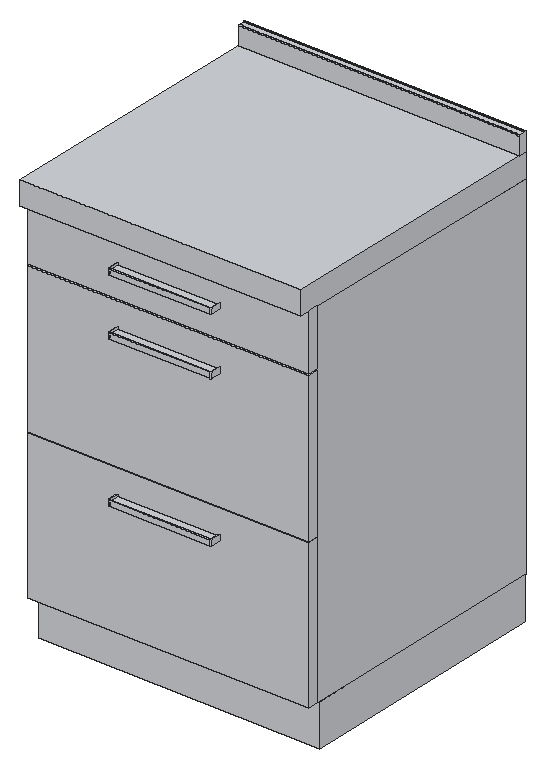
Revit family "Base - 3 Drawers (1)", category 케이스워크, Revit 2026
Family settings
  작업 기준면 기반 = 아니오
  항상 수직 = 예
  로드될 때 보이드를 사용하여 절단 = 아니오
  공유 = 아니오
  룸 계산 점 = 아니오
Parameters (values of type "600 X 600 X 900mm")
  기본 높이 = 0 mm
  Top Material = none
  Material = none
  Handle Material = none
  깊이 = 600 mm
  높이 = 900 mm
  폭 = 600 mm
  Assembly Code = ""
Types (4, lengths in mm): name | 폭 | Assembly Code
  (no name) | 600 | ""
  600 x 450 x 900mm | 450 | "C1030400"
  600 X 600 X 900mm | 600 | ""
  600 x 400 x 900mm | 400 | "C1030400"
Reference planes
  plane 1 "Back": y = 0
  plane 2: z = 0
  plane 3 "Center (Left/Right)": x = 44.7
  plane 4 "Front": y = -600
  plane 5 "Left": x = -255.3
  plane 6 "Right": x = 344.7
  plane 7 "Top": z = 900
  plane 8: z = 90
  plane 9: z = 850
  plane 10: z = 727
Forms (mm)
  Extrusion 1, solid
    sketch origin (0, 0, 0) x (1, 0, 0) y (0, 1, 0)
      loop
        line (-255.3, 0) -> (-255.3, -558) -> (-233.3, -558) -> (-233.3, -22) -> (322.7, -22) -> (322.7, -558) -> (344.7, -558) -> (344.7, 0) -> (-255.3, 0)
    from 90 to 850
  Extrusion 2, solid, material <- "Top Material"
    sketch origin (0, 0, 900) x (0, -1, 0) y (-1, 0, 0)
      loop
        line (0, 255.3) -> (0, -344.7) -> (600, -344.7) -> (600, 255.3) -> (0, 255.3)
    from 0 to 50
  Extrusion 3, solid, material <- "Material"
    sketch origin (0, 0, 900) x (0, -1, 0) y (-1, 0, 0)
      loop
        line (0.534, 255.3) -> (0.534, -344.7) -> (550.534, -344.7) -> (550.534, 255.3) -> (0.534, 255.3)
    from 810 to 900
  Sweep 4, solid, material <- "Top Material"
    path origin (0, 0, 900) x (0, -1, 0) y (1, 0, 0)
      loop
        line (0, 344.7) -> (0, -255.3)
    profile origin (44.7, 0, 0) x (0, -1, 0) y (0, 0, 1)
      loop
        line (0, 900) -> (15, 900) -> (15, 938)
        arc (15, 938) -> (14.414, 939.414) -> (13, 940) r 2
        line (13, 940) -> (1.504, 940) -> (1.504, 942.003) -> (0, 942.003) -> (0, 900)
  Extrusion 5, solid, material <- "Material"
    sketch origin (-255.3, -558, 850) x (0, 0, -1) y (1, 0, 0)
      loop
        line (0, 0) -> (120, 0) -> (120, 600) -> (0, 600) -> (0, 0)
      loop
        line (123, 0) -> (441.5, 0) -> (441.5, 600) -> (123, 600) -> (123, 0)
      loop
        line (443.5, 600) -> (443.5, 0) -> (760, 0) -> (760, 600) -> (443.5, 600)
    from 0 to 22
Dimensions and locks
  "폭": plane 6 "Right" to plane 5 "Left"
  equal spacing: plane 6 "Right", plane 3 "Center (Left/Right)", plane 5 "Left"
  "깊이": plane 4 "Front" to plane 1 "Back"
  "높이": level to plane 7 "Top"
  locked: Extrusion 1 sketch curve to Extrusion 1 sketch curve at 22  (x3)
  locked: plane 8 to level at 90
  plane 7 "Top" to plane 9 = 50 mm
  equal spacing: plane 5 "Left", nested 1, plane 6 "Right"
  plane 10 to plane 8 = 637 mm
  aligned and locked: Extrusion 1 sketch curve to plane 6 "Right"
  aligned and locked: plane 1 "Back" to Extrusion 1 sketch curve
  aligned and locked: plane 5 "Left" to Extrusion 1 sketch curve
  aligned and locked: Extrusion 1 to plane 9
  aligned and locked: plane 8 to Extrusion 1
Automatic sketch dimensions
  Extrusion 2 sketch curve to plane 1 "Back" = 0 mm
  Extrusion 2 sketch curve to plane 4 "Front" = 0 mm
  Extrusion 2 sketch curve to plane 5 "Left" = 0 mm
  Extrusion 2 sketch curve to plane 6 "Right" = 0 mm
  plane 1 "Back" to Extrusion 3 sketch curve = 0.534 mm
  Extrusion 3 sketch curve to plane 5 "Left" = 0 mm
  Extrusion 3 sketch curve to plane 6 "Right" = 0 mm
  Extrusion 3 sketch curve to plane 4 "Front" = 49.466 mm
  Sweep 4 sketch curve to plane 1 "Back" = 0 mm
  Sweep 4 sketch curve to plane 5 "Left" = 0 mm
  Sweep 4 sketch curve to plane 6 "Right" = 0 mm
  Sweep 4 sketch curve to profile plane = 0 mm  (x2)
  Sweep 4 sketch curve to profile plane = 1.504 mm
  Sweep 4 sketch curve to Sweep 4 sketch curve = 11.496 mm
  Sweep 4 sketch curve to profile plane = 15 mm
  profile plane to Sweep 4 sketch curve = 38 mm
  Sweep 4 sketch curve to Sweep 4 sketch curve = 2.003 mm
  Extrusion 1 sketch curve to plane 4 "Front" = 42 mm  (x2)
  Extrusion 5 sketch curve to plane 6 "Right" = 0 mm  (x3)
  Extrusion 5 sketch curve to plane 9 = 0 mm
  Extrusion 5 sketch curve to plane 5 "Left" = 0 mm  (x3)
  Extrusion 5 sketch curve to plane 10 = 0 mm
  Extrusion 5 sketch curve to plane 8 = 0 mm
  plane 10 to Extrusion 5 sketch curve = 3 mm
  Extrusion 5 sketch curve to Extrusion 5 sketch curve = 2 mm
  Extrusion 5 sketch curve to plane 8 = 318.5 mm
Nested families
  nested 1: "Casework Handle" at (319.577, -603, 787.18), type "220 x 23mm"
  nested 2: "Casework Handle" at (319.577, -603, 664.18), type "220 x 23mm"
  nested 3: "Casework Handle" at (319.577, -603, 343.68), type "220 x 23mm"
Definition of nested family "Casework Handle"
  Parameters
    Default Elevation = 0 mm
    Material = none
  Reference planes
    plane 1 "Center (Front/Back)": y = 0
    plane 2: z = 0
    plane 3 "Center (Left/Right)": x = -274.877
    plane 4: x = -384.877
    plane 5: x = -164.877
    plane 6: y = 23
    plane 7: z = 12
  Forms (mm)
    Sweep 1, solid, material <- "Material"
      path origin (0, 0, 0) x (1, 0, 0) y (0, 1, 0)
        loop
          line (-384.877, 23) -> (-384.877, 2.5)
          arc (-384.877, 2.5) -> (-384.145, 0.732) -> (-382.377, 0) r 2.5
          line (-382.377, 0) -> (-167.377, 0)
          arc (-167.377, 0) -> (-165.609, 0.732) -> (-164.877, 2.5) r 2.5
          line (-164.877, 2.5) -> (-164.877, 23)
      profile origin (0, 12.75, 0) x (1, 0, 0) y (0, 0, 1)
        loop
          line (-384.877, 0) -> (-382.877, 0) -> (-382.877, 12) -> (-384.877, 12) -> (-384.877, 0)
    Extrusion 2, solid, material <- "Material"
      sketch origin (0, 0, 0) x (1, 0, 0) y (0, 1, 0)
        loop
          arc (-382.877, 2.5) -> (-382.731, 2.146) -> (-382.377, 2) r 0.5
          line (-382.377, 2) -> (-167.377, 2)
          arc (-167.377, 2) -> (-167.023, 2.146) -> (-166.877, 2.5) r 0.5
          line (-166.877, 2.5) -> (-166.877, 23) -> (-382.877, 23) -> (-382.877, 2.5)
      from 2.765 to 9.254
  Dimensions and locks
    equal spacing: plane 4, plane 3 "Center (Left/Right)", plane 5
